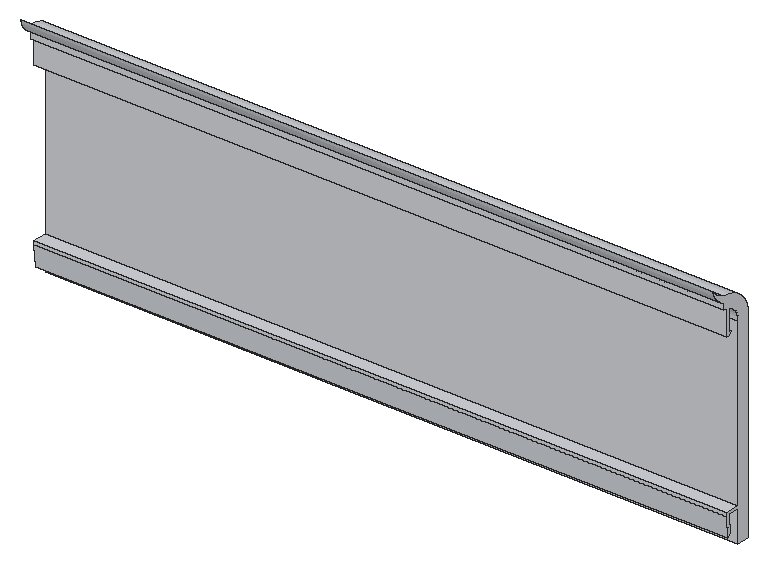
Revit family "HansWeitzel_5199", category Allgemeines Modell, Revit 2017
Family settings
  Basisbauteil = Wand
  Kann Basisbauteil für Bewehrung sein = Nein
  Bemaßung runder Anschluss = Durchmesser verwenden
  Teiletyp = Normal
  Immer vertikal = Ja
  Beim Laden mit Abzugskörper schneiden = Nein
  Gemeinsam genutzt = Nein
  Raumberechnungspunkt = Nein
Parameters
  max. Betriebstemperatur (°C) = 90
  Werkstoff = "PVC"
  Wandmontage möglich = yes
  Typname = "HZ-Blindleiste BLF Grau, 2m"
  Tiefe (mm) = 16
  Selbstverlöschend = yes
  Profilart = "Sockelprofil"
  Menge pro Verpackungseinheit = 10
  Ist Zubehör = no
  Ist System = no
  Höhe [mm] = 87
  Hersteller = "Hans Weitzel GmbH & Co. KG"
  HeinzeBIM = "https://www.heinze.de/bim/hz-blindleiste-blf-grau-2m/f91906e3d31d55a97375c921ce8373a673a323ec"
  HAN = "5199"
  Gewicht unverpackt (netto) [kg] = 0.69
  GTIN = "4022023110418"
  Farbton = "grau"
  Dekor = "Grau"
  Breite [mm] = 2000
  Brandklasse B2 = yes
  Beschreibung = "HZ-Blindleiste BLF Grau, 2m passend zu SLF G"
  BIMSITE_PRODUCT_ID = "f91906e3d31d55a97375c921ce8373a673a323ec"
  BIM = "https://media.live.bim.site/t/eyJhbGciOiJIUzI1NiIsInR5cCI6IkpXVCJ9.eyJjdCI6MSwidGYiOiJwdWJsaWMvaGFucy13ZWl0emVsLWdtYmgtY28ta2cvMjI1MGEyZS9IWl9CTEZfUHJvZmlsLnJmYSIsImNpZCI6ImZlZDk4ZTlhLTFiZDgtNGM2OC1hNzNiLTc0YTk0ZTMxNTgyMyIsInJpZCI6ImNhYzM5ZTg5YWJiNWU4MzE2YzA1YzBkZDFmZDk4Yjc4IiwicGlkIjoiZjkxOTA2ZTNkMzFkNTVhOTczNzVjOTIxY2U4MzczYTY3M2EzMjNlYyIsInNpZCI6IjYzNTU4IiwidXQiOjUsImxjIjoiZGUiLCJpYXQiOjE1ODAxMjAxNDYsImlzcyI6Imh0dHBzOi8vYXBpLmxpdmUuYmltLnNpdGUiLCJzdWIiOiJmNTg2YzRiNi1hNTA4LTQyN2EtOTgxOC0xMzE3OTY2NTc2YmMifQ.etWVu-YYCO7s6pj3fDFa-xBEPxedAxRAjE67qMaQyLQ/HZ_BLF_Profil.rfa"
Reference planes
  plane 1: y = 0
  plane 2 "Center (Left/Right)": x = 0
  plane 3 "Wall Edge": y = 76.2
Text (mm)
  text "Placement Side" at (0, 1019.848, 3124.603), in view "Right"
  text "Placement Side" at (-1787.662, 723.012, 0), in view "Ref. Level"
  text "Placement Side" at (0, 2073.289, 3571.227), in view "Left"
Dimensions and locks
  locked: plane 3 "Wall Edge" to host wall
  aligned and locked: plane 3 "Wall Edge" to nested 1
Nested families
  nested 1: "HZ_BLF_Part2" at (0, 76.2, 0), type "HZ_BLF_Part2"
Definition of nested family "HZ_BLF_Part2"
  Reference planes
    plane 1 "Center (Front/Back)": y = 0
    plane 2: z = 0
    plane 3 "Center (Left/Right)": x = 0
  Forms (mm)
    Extrusion 1, solid, detail levels fine
      sketch origin (0, 0, 0) x (0, 1, 0) y (0, 0, 1)
        loop
          arc (16, 72) -> (12.727, 79.83) -> (4.854, 82.999) r 11
          arc (4.854, 82.999) -> (2.091, 84.316) -> (0, 86.553) r 8.222
          arc (0, 86.553) -> (1.757, 83.087) -> (4.851, 80.736) r 8.67
          line (4.851, 80.736) -> (4.851, 78.472)
          arc (4.851, 78.472) -> (5.499, 78.442) -> (6.14, 78.346) r 6.5
          line (6.14, 78.346) -> (6.14, 69.232) -> (7.064, 69.232) -> (8.141, 70.371) -> (7.148, 70.371) -> (7.148, 78.059)
          arc (7.148, 78.059) -> (10.208, 75.675) -> (11.366, 71.972) r 6.5
          line (11.366, 71.972) -> (11.366, 12.318) -> (6.13, 12.318) -> (6.13, 11.14) -> (6.85, 3.802) -> (7.723, 4.72) -> (7.157, 11.4) -> (11.366, 11.4) -> (11.366, 0) -> (16, 0) -> (16, 72)
      from 0 to 250
    Extrusion 2, solid, detail levels medium
      sketch origin (0, 0, 0) x (0, 1, 0) y (0, 0, 1)
        loop
          line (16, 0) -> (16, 72)
          arc (16, 72) -> (12.727, 79.83) -> (4.854, 82.999) r 11
          arc (4.854, 82.999) -> (2.091, 84.316) -> (0, 86.553) r 8.222
          line (0, 86.553) -> (4.851, 78.472)
          arc (4.851, 78.472) -> (5.499, 78.442) -> (6.14, 78.346) r 6.5
          line (6.14, 78.346) -> (6.14, 69.232) -> (7.148, 69.232) -> (7.148, 78.059)
          arc (7.148, 78.059) -> (10.208, 75.675) -> (11.366, 71.972) r 6.5
          line (11.366, 71.972) -> (11.366, 12.318) -> (6.13, 12.318) -> (6.13, 11.14) -> (6.85, 3.802) -> (7.723, 4.72) -> (7.157, 11.4) -> (11.366, 11.4) -> (11.366, 0) -> (16, 0)
      from 0 to 250
    Extrusion 3, solid, detail levels coarse
      sketch origin (0, 0, 0) x (0, 1, 0) y (0, 0, 1)
        loop
          line (16, 0) -> (16, 86.553) -> (0, 86.553) -> (0, 0) -> (16, 0)
      from 0 to 250
  Dimensions and locks
    aligned and locked: plane 2 to level
